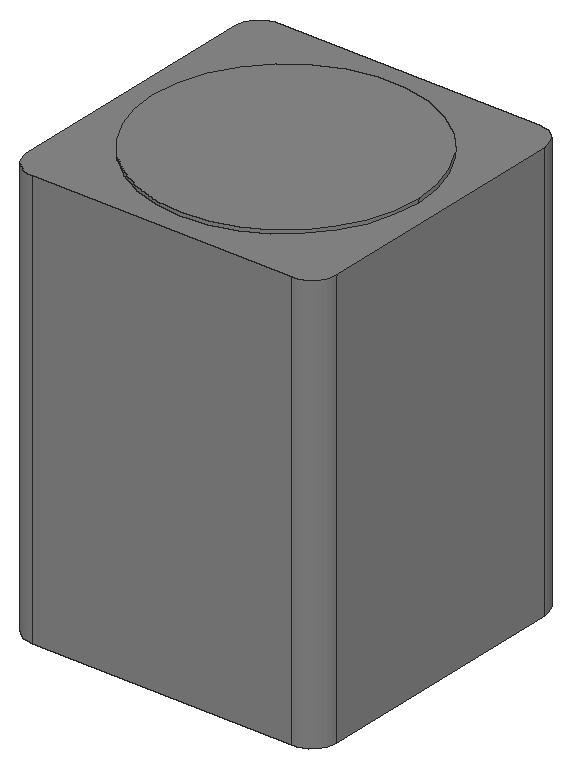
Revit family
Parameters (values of type "620 x 620 x 845mm")
  Keynote = "T"
  Material Air Conditioner = Metal - Paint Finish - Dark Gray, Matte
  Depth = 620.00 mm
  Height = 845.00 mm
  Width = 620.00 mm
Types (3, lengths in mm): name | Depth | Height | Width
  (no name) | 620.00 | 845.00 | 620.00
  720 x 720 x 950mm | 720.00 | 950.00 | 720.00
  620 x 620 x 845mm | 620.00 | 845.00 | 620.00
Reference planes
  plane 1 "Center (Front/Back)": y = 0
  plane 2: z = 0
  plane 3 "Center (Left/Right)": x = 0
  plane 4: z = 845
  plane 5: y = 310
  plane 6: y = -310
  plane 7: x = -310
  plane 8: x = 310
  plane 9: z = 838.65
Forms (mm)
  Extrusion 1, solid, material "Metal - Paint Finish - Dark Gray, Matte" <- "Material Air Conditioner"
    sketch origin (0, 0, 0) x (1, 0, 0) y (0, 1, 0)
      loop
        line (-259.2, -310) -> (259.2, -310)
        arc (259.2, -310) -> (295.121, -295.121) -> (310, -259.2) r 50.8
        line (310, -259.2) -> (310, 259.2)
        arc (310, 259.2) -> (295.121, 295.121) -> (259.2, 310) r 50.8
        line (259.2, 310) -> (-259.2, 310)
        arc (-259.2, 310) -> (-295.121, 295.121) -> (-310, 259.2) r 50.8
        line (-310, 259.2) -> (-310, -259.2)
        arc (-310, -259.2) -> (-295.121, -295.121) -> (-259.2, -310) r 50.8
    from 0 to 838.65
  Extrusion 2, solid, material "Metal - Paint Finish - Dark Gray, Matte" <- "Material Air Conditioner"
    sketch origin (0, 0, 0) x (1, 0, 0) y (0, 1, 0)
      loop
        circle (0, 0) r 265.663
    from 838.65 to 845
Lines and regions (mm)
  symbolic lines
    curve 1: line (-259.2, -310, 0) -> (259.2, -310, 0)
    curve 2: line (-310, 259.2, 0) -> (-310, -259.2, 0)
    curve 3: line (259.2, 310, 0) -> (-259.2, 310, 0)
    curve 4: line (310, -259.2, 0) -> (310, 259.2, 0)
    curve 5: arc (259.2, 310, 0) -> (295.121, 295.121, 0) -> (310, 259.2, 0) r 50.8
    curve 6: arc (310, -259.2, 0) -> (295.121, -295.121, 0) -> (259.2, -310, 0) r 50.8
    curve 7: arc (-310, -259.2, 0) -> (-295.121, -295.121, 0) -> (-259.2, -310, 0) r 50.8
    curve 8: arc (-310, 259.2, 0) -> (-295.121, 295.121, 0) -> (-259.2, 310, 0) r 50.8
    curve 9: arc (281.425, 0, 0) -> (0, 281.425, 0) -> (-281.425, 0, 0) r 281.425
    curve 10: arc (-281.425, 0, 0) -> (0, -281.425, 0) -> (281.425, 0, 0) r 281.425
    curve 11: arc (265.663, 0, 0) -> (0, 265.663, 0) -> (-265.663, 0, 0) r 265.663
    curve 12: arc (-265.663, 0, 0) -> (0, -265.663, 0) -> (265.663, 0, 0) r 265.663
    curve 13: arc (31.75, 0, 0) -> (0, 31.75, 0) -> (-31.75, 0, 0) r 31.75
    curve 14: arc (-31.75, 0, 0) -> (0, -31.75, 0) -> (31.75, 0, 0) r 31.75
    curve 15: arc (50.8, 0, 0) -> (0, 50.8, 0) -> (-50.8, 0, 0) r 50.8
    curve 16: arc (-50.8, 0, 0) -> (0, -50.8, 0) -> (50.8, 0, 0) r 50.8
Dimensions and locks
  "Width": plane 7 to plane 8
  "Depth": plane 5 to plane 6
  "Height": plane 2 to plane 4
  equal spacing: plane 7, plane 3 "Center (Left/Right)", plane 8
  equal spacing: plane 5, plane 1 "Center (Front/Back)", plane 6
  locked: plane 9 to plane 4 at 6.35
  aligned and locked: Extrusion 1 to plane 2
  aligned and locked: Extrusion 1 to plane 9
  aligned and locked: Extrusion 2 to Extrusion 1
  aligned and locked: Extrusion 2 to plane 4
Automatic sketch dimensions
  Extrusion 1 sketch curve to plane 7 = 0.00 mm
  Extrusion 1 sketch curve to plane 5 = 0.00 mm
  Extrusion 1 sketch curve to plane 6 = 0.00 mm
  Extrusion 1 sketch curve to plane 8 = 0.00 mm
  Extrusion 1 sketch curve to plane 5 = 50.80 mm
  plane 7 to Extrusion 1 sketch curve = 50.80 mm
  Extrusion 1 sketch curve to Extrusion 1 sketch curve = 50.80 mm
  Extrusion 1 sketch curve to plane 8 = 50.80 mm
  Extrusion 2 sketch curve to plane 1 "Center (Front/Back)" = 0.00 mm
  Extrusion 2 sketch curve to plane 3 "Center (Left/Right)" = 0.00 mm
  plane 7 to Extrusion 2 sketch curve = 44.337 mm
  curve 8 to plane 7 = 0.00 mm
  curve 9 to plane 1 "Center (Front/Back)" = 0.00 mm
  curve 12 to plane 1 "Center (Front/Back)" = 0.00 mm
  curve 1 to plane 6 = 0.00 mm
  curve 3 to plane 5 = 0.00 mm
  curve 16 to plane 1 "Center (Front/Back)" = 0.00 mm
  curve 14 to plane 1 "Center (Front/Back)" = 0.00 mm
  curve 16 to plane 3 "Center (Left/Right)" = 0.00 mm
  curve 9 to plane 3 "Center (Left/Right)" = 0.00 mm
  curve 14 to plane 3 "Center (Left/Right)" = 0.00 mm
  curve 12 to plane 3 "Center (Left/Right)" = 0.00 mm
  curve 6 to plane 8 = 0.00 mm
  plane 7 to curve 9 = 28.575 mm
  curve 9 to curve 12 = 15.762 mm
  plane 7 to curve 1 = 50.80 mm
  plane 7 to curve 3 = 50.80 mm
  curve 16 to curve 11 = 50.80 mm
  curve 15 to curve 14 = 19.05 mm
  curve 1 to plane 8 = 50.80 mm
  curve 3 to plane 8 = 50.80 mm
